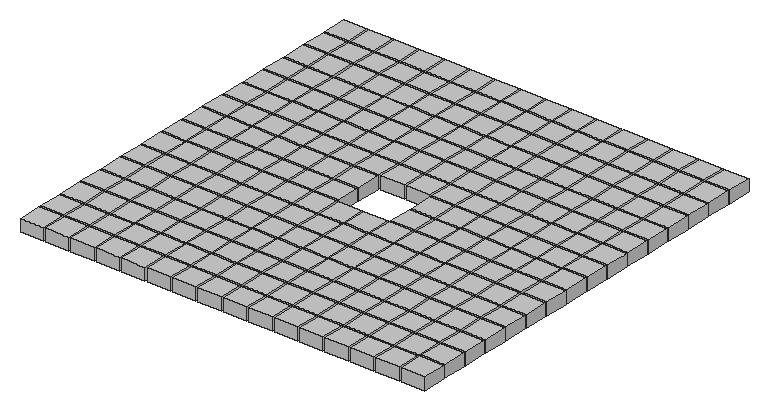
Revit family "Alcorque Ecológico", category Furniture, Revit 2020 (continued)
Reference planes (m)
  plane 6437: y = -0.25
  plane 6438: y = -0.5
  plane 6439: y = -0.625
  plane 6440: y = -0.75
  plane 6441: x = 1.475
  plane 6442: x = 1.6
  plane 6443: x = 1.725
  plane 6444: x = 1.975
  plane 6445: x = 2.1
  plane 6446: x = 2.225
  plane 6447: y = 0
  plane 6448: y = -0.125
  plane 6449: y = -0.25
  plane 6450: y = -0.5
  plane 6451: y = -0.625
  plane 6452: y = -0.75
  plane 6453: x = 1.85
  plane 6454: x = 1.975
  plane 6455: x = 2.1
  plane 6456: x = 2.35
  plane 6457: x = 2.475
  plane 6458: x = 2.6
  plane 6459: y = 0
  plane 6460: y = -0.125
  plane 6461: y = -0.25
  plane 6462: y = -0.5
  plane 6463: y = -0.625
  plane 6464: y = -0.75
  plane 6465: x = 1.975
  plane 6466: x = 2.1
  plane 6467: x = 2.225
  plane 6468: x = 2.475
  plane 6469: x = 2.6
  plane 6470: x = 2.725
  plane 6471: y = 0
  plane 6472: y = -0.125
  plane 6473: y = -0.25
  plane 6474: y = -0.5
  plane 6475: y = -0.625
  plane 6476: y = -0.75
  plane 6477: x = 2.1
  plane 6478: x = 2.225
  plane 6479: x = 2.35
  plane 6480: x = 2.6
  plane 6481: x = 2.725
  plane 6482: x = 2.85
  plane 6483: y = 0
  plane 6484: y = -0.125
  plane 6485: y = -0.25
  plane 6486: y = -0.5
  plane 6487: y = -0.625
  plane 6488: y = -0.75
  plane 6489: x = 1.225
  plane 6490: x = 1.35
  plane 6491: x = 1.475
  plane 6492: x = 1.725
  plane 6493: x = 1.85
  plane 6494: x = 1.975
  plane 6495: y = -0.125
  plane 6496: y = -0.25
  plane 6497: y = -0.375
  plane 6498: y = -0.625
  plane 6499: y = -0.75
  plane 6500: y = -0.875
  plane 6501: x = 1.35
  plane 6502: x = 1.475
  plane 6503: x = 1.6
  plane 6504: x = 1.85
  plane 6505: x = 1.975
  plane 6506: x = 2.1
  plane 6507: y = -0.125
  plane 6508: y = -0.25
  plane 6509: y = -0.375
  plane 6510: y = -0.625
  plane 6511: y = -0.75
  plane 6512: y = -0.875
  plane 6513: x = 1.475
  plane 6514: x = 1.6
  plane 6515: x = 1.725
  plane 6516: x = 1.975
  plane 6517: x = 2.1
  plane 6518: x = 2.225
  plane 6519: y = -0.125
  plane 6520: y = -0.25
  plane 6521: y = -0.375
  plane 6522: y = -0.625
  plane 6523: y = -0.75
  plane 6524: y = -0.875
  plane 6525: x = 1.85
  plane 6526: x = 1.975
  plane 6527: x = 2.1
  plane 6528: x = 2.35
  plane 6529: x = 2.475
  plane 6530: x = 2.6
  plane 6531: y = -0.125
  plane 6532: y = -0.25
  plane 6533: y = -0.375
  plane 6534: y = -0.625
  plane 6535: y = -0.75
  plane 6536: y = -0.875
  plane 6537: x = 1.975
  plane 6538: x = 2.1
  plane 6539: x = 2.225
  plane 6540: x = 2.475
  plane 6541: x = 2.6
  plane 6542: x = 2.725
  plane 6543: y = -0.125
  plane 6544: y = -0.25
  plane 6545: y = -0.375
  plane 6546: y = -0.625
  plane 6547: y = -0.75
  plane 6548: y = -0.875
  plane 6549: x = 2.1
  plane 6550: x = 2.225
  plane 6551: x = 2.35
  plane 6552: x = 2.6
  plane 6553: x = 2.725
  plane 6554: x = 2.85
  plane 6555: y = -0.125
  plane 6556: y = -0.25
  plane 6557: y = -0.375
  plane 6558: y = -0.625
  plane 6559: y = -0.75
  plane 6560: y = -0.875
  plane 6561: x = 1.225
  plane 6562: x = 1.35
  plane 6563: x = 1.475
  plane 6564: x = 1.725
  plane 6565: x = 1.85
  plane 6566: x = 1.975
  plane 6567: y = -0.25
  plane 6568: y = -0.375
  plane 6569: y = -0.5
  plane 6570: y = -0.75
  plane 6571: y = -0.875
  plane 6572: y = -1
  plane 6573: x = 1.35
  plane 6574: x = 1.475
  plane 6575: x = 1.6
  plane 6576: x = 1.85
  plane 6577: x = 1.975
  plane 6578: x = 2.1
  plane 6579: y = -0.25
  plane 6580: y = -0.375
  plane 6581: y = -0.5
  plane 6582: y = -0.75
  plane 6583: y = -0.875
  plane 6584: y = -1
  plane 6585: x = 1.475
  plane 6586: x = 1.6
  plane 6587: x = 1.725
  plane 6588: x = 1.975
  plane 6589: x = 2.1
  plane 6590: x = 2.225
  plane 6591: y = -0.25
  plane 6592: y = -0.375
  plane 6593: y = -0.5
  plane 6594: y = -0.75
  plane 6595: y = -0.875
  plane 6596: y = -1
  plane 6597: x = 1.6
  plane 6598: x = 1.725
  plane 6599: x = 1.85
  plane 6600: x = 2.1
  plane 6601: x = 2.225
  plane 6602: x = 2.35
  plane 6603: y = -0.25
  plane 6604: y = -0.375
  plane 6605: y = -0.5
  plane 6606: y = -0.75
  plane 6607: y = -0.875
  plane 6608: y = -1
  plane 6609: x = 1.725
  plane 6610: x = 1.85
  plane 6611: x = 1.975
  plane 6612: x = 2.225
  plane 6613: x = 2.35
  plane 6614: x = 2.475
  plane 6615: y = -0.25
  plane 6616: y = -0.375
  plane 6617: y = -0.5
  plane 6618: y = -0.75
  plane 6619: y = -0.875
  plane 6620: y = -1
  plane 6621: x = 2.1
  plane 6622: x = 2.225
  plane 6623: x = 2.35
  plane 6624: x = 2.6
  plane 6625: x = 2.725
  plane 6626: x = 2.85
  plane 6627: y = -0.25
  plane 6628: y = -0.375
  plane 6629: y = -0.5
  plane 6630: y = -0.75
  plane 6631: y = -0.875
  plane 6632: y = -1
  plane 6633: x = 1.225
  plane 6634: x = 1.35
  plane 6635: x = 1.475
  plane 6636: x = 1.725
  plane 6637: x = 1.85
  plane 6638: x = 1.975
  plane 6639: y = -0.375
  plane 6640: y = -0.5
  plane 6641: y = -0.625
  plane 6642: y = -0.875
  plane 6643: y = -1
  plane 6644: y = -1.125
  plane 6645: x = 1.35
  plane 6646: x = 1.475
  plane 6647: x = 1.6
  plane 6648: x = 1.85
  plane 6649: x = 1.975
  plane 6650: x = 2.1
  plane 6651: y = -0.375
  plane 6652: y = -0.5
  plane 6653: y = -0.625
  plane 6654: y = -0.875
  plane 6655: y = -1
  plane 6656: y = -1.125
  plane 6657: x = 1.475
  plane 6658: x = 1.6
  plane 6659: x = 1.725
  plane 6660: x = 1.975
  plane 6661: x = 2.1
  plane 6662: x = 2.225
  plane 6663: y = -0.375
  plane 6664: y = -0.5
  plane 6665: y = -0.625
  plane 6666: y = -0.875
  plane 6667: y = -1
  plane 6668: y = -1.125
  plane 6669: x = 1.6
  plane 6670: x = 1.725
  plane 6671: x = 1.85
  plane 6672: x = 2.1
  plane 6673: x = 2.225
  plane 6674: x = 2.35
  plane 6675: y = -0.375
  plane 6676: y = -0.5
  plane 6677: y = -0.625
  plane 6678: y = -0.875
  plane 6679: y = -1
  plane 6680: y = -1.125
  plane 6681: x = 1.725
  plane 6682: x = 1.85
  plane 6683: x = 1.975
  plane 6684: x = 2.225
  plane 6685: x = 2.35
  plane 6686: x = 2.475
  plane 6687: y = -0.375
  plane 6688: y = -0.5
  plane 6689: y = -0.625
  plane 6690: y = -0.875
  plane 6691: y = -1
  plane 6692: y = -1.125
  plane 6693: x = 2.1
  plane 6694: x = 2.225
  plane 6695: x = 2.35
  plane 6696: x = 2.6
  plane 6697: x = 2.725
  plane 6698: x = 2.85
  plane 6699: y = -0.375
  plane 6700: y = -0.5
  plane 6701: y = -0.625
  plane 6702: y = -0.875
  plane 6703: y = -1
  plane 6704: y = -1.125
  plane 6705: x = 1.225
  plane 6706: x = 1.35
  plane 6707: x = 1.475
  plane 6708: x = 1.725
  plane 6709: x = 1.85
  plane 6710: x = 1.975
  plane 6711: y = -0.5
  plane 6712: y = -0.625
  plane 6713: y = -0.75
  plane 6714: y = -1
  plane 6715: y = -1.125
  plane 6716: y = -1.25
  plane 6717: x = 1.35
  plane 6718: x = 1.475
  plane 6719: x = 1.6
  plane 6720: x = 1.85
  plane 6721: x = 1.975
  plane 6722: x = 2.1
  plane 6723: y = -0.5
  plane 6724: y = -0.625
  plane 6725: y = -0.75
  plane 6726: y = -1
  plane 6727: y = -1.125
  plane 6728: y = -1.25
  plane 6729: x = 1.475
  plane 6730: x = 1.6
  plane 6731: x = 1.725
  plane 6732: x = 1.975
  plane 6733: x = 2.1
  plane 6734: x = 2.225
  plane 6735: y = -0.5
  plane 6736: y = -0.625
  plane 6737: y = -0.75
  plane 6738: y = -1
  plane 6739: y = -1.125
  plane 6740: y = -1.25
  plane 6741: x = 1.6
  plane 6742: x = 1.725
  plane 6743: x = 1.85
  plane 6744: x = 2.1
  plane 6745: x = 2.225
  plane 6746: x = 2.35
  plane 6747: y = -0.5
  plane 6748: y = -0.625
  plane 6749: y = -0.75
  plane 6750: y = -1
  plane 6751: y = -1.125
  plane 6752: y = -1.25
  plane 6753: x = 1.725
  plane 6754: x = 1.85
  plane 6755: x = 1.975
  plane 6756: x = 2.225
  plane 6757: x = 2.35
  plane 6758: x = 2.475
  plane 6759: y = -0.5
  plane 6760: y = -0.625
  plane 6761: y = -0.75
  plane 6762: y = -1
  plane 6763: y = -1.125
  plane 6764: y = -1.25
  plane 6765: x = 1.85
  plane 6766: x = 1.975
  plane 6767: x = 2.1
  plane 6768: x = 2.35
  plane 6769: x = 2.475
  plane 6770: x = 2.6
  plane 6771: y = -0.5
  plane 6772: y = -0.625
  plane 6773: y = -0.75
  plane 6774: y = -1
  plane 6775: y = -1.125
  plane 6776: y = -1.25
  plane 6777: x = 1.975
  plane 6778: x = 2.1
  plane 6779: x = 2.225
  plane 6780: x = 2.475
  plane 6781: x = 2.6
  plane 6782: x = 2.725
  plane 6783: y = -0.5
  plane 6784: y = -0.625
  plane 6785: y = -0.75
  plane 6786: y = -1
  plane 6787: y = -1.125
  plane 6788: y = -1.25
  plane 6789: x = 2.1
  plane 6790: x = 2.225
  plane 6791: x = 2.35
  plane 6792: x = 2.6
  plane 6793: x = 2.725
  plane 6794: x = 2.85
  plane 6795: y = -0.5
  plane 6796: y = -0.625
  plane 6797: y = -0.75
  plane 6798: y = -1
  plane 6799: y = -1.125
  plane 6800: y = -1.25
  plane 6801: x = 2.225
  plane 6802: x = 2.35
  plane 6803: x = 2.475
  plane 6804: x = 2.725
  plane 6805: x = 2.85
  plane 6806: x = 2.975
  plane 6807: y = 0.375
  plane 6808: y = 0.25
  plane 6809: y = 0.125
  plane 6810: y = -0.125
  plane 6811: y = -0.25
  plane 6812: y = -0.375
  plane 6813: x = 2.35
  plane 6814: x = 2.475
  plane 6815: x = 2.6
  plane 6816: x = 2.85
  plane 6817: x = 2.975
  plane 6818: x = 3.1
  plane 6819: y = 0.375
  plane 6820: y = 0.25
  plane 6821: y = 0.125
  plane 6822: y = -0.125
  plane 6823: y = -0.25
  plane 6824: y = -0.375
  plane 6825: x = 2.475
  plane 6826: x = 2.6
  plane 6827: x = 2.725
  plane 6828: x = 2.975
  plane 6829: x = 3.1
  plane 6830: x = 3.225
  plane 6831: y = 0.375
  plane 6832: y = 0.25
  plane 6833: y = 0.125
  plane 6834: y = -0.125
  plane 6835: y = -0.25
  plane 6836: y = -0.375
  plane 6837: x = 2.6
  plane 6838: x = 2.725
  plane 6839: x = 2.85
  plane 6840: x = 3.1
  plane 6841: x = 3.225
  plane 6842: x = 3.35
  plane 6843: y = 0.375
  plane 6844: y = 0.25
  plane 6845: y = 0.125
  plane 6846: y = -0.125
  plane 6847: y = -0.25
  plane 6848: y = -0.375
  plane 6849: x = 2.225
  plane 6850: x = 2.35
  plane 6851: x = 2.475
  plane 6852: x = 2.725
  plane 6853: x = 2.85
  plane 6854: x = 2.975
  plane 6855: y = 0.25
  plane 6856: y = 0.125
  plane 6857: y = 0
  plane 6858: y = -0.25
  plane 6859: y = -0.375
  plane 6860: y = -0.5
  plane 6861: x = 2.35
  plane 6862: x = 2.475
  plane 6863: x = 2.6
  plane 6864: x = 2.85
  plane 6865: x = 2.975
  plane 6866: x = 3.1
  plane 6867: y = 0.25
  plane 6868: y = 0.125
  plane 6869: y = 0
  plane 6870: y = -0.25
  plane 6871: y = -0.375
  plane 6872: y = -0.5
  plane 6873: x = 2.475
  plane 6874: x = 2.6
  plane 6875: x = 2.725
  plane 6876: x = 2.975
  plane 6877: x = 3.1
  plane 6878: x = 3.225
  plane 6879: y = 0.25
  plane 6880: y = 0.125
  plane 6881: y = 0
  plane 6882: y = -0.25
  plane 6883: y = -0.375
  plane 6884: y = -0.5
  plane 6885: x = 2.6
  plane 6886: x = 2.725
  plane 6887: x = 2.85
  plane 6888: x = 3.1
  plane 6889: x = 3.225
  plane 6890: x = 3.35
  plane 6891: y = 0.25
  plane 6892: y = 0.125
  plane 6893: y = 0
  plane 6894: y = -0.25
  plane 6895: y = -0.375
  plane 6896: y = -0.5
  plane 6897: x = 2.225
  plane 6898: x = 2.35
  plane 6899: x = 2.475
  plane 6900: x = 2.725
  plane 6901: x = 2.85
  plane 6902: x = 2.975
  plane 6903: y = 0.125
  plane 6904: y = 0
  plane 6905: y = -0.125
  plane 6906: y = -0.375
  plane 6907: y = -0.5
  plane 6908: y = -0.625
  plane 6909: x = 2.35
  plane 6910: x = 2.475
  plane 6911: x = 2.6
  plane 6912: x = 2.85
  plane 6913: x = 2.975
  plane 6914: x = 3.1
  plane 6915: y = 0.125
  plane 6916: y = 0
  plane 6917: y = -0.125
  plane 6918: y = -0.375
  plane 6919: y = -0.5
  plane 6920: y = -0.625
  plane 6921: x = 2.475
  plane 6922: x = 2.6
  plane 6923: x = 2.725
  plane 6924: x = 2.975
  plane 6925: x = 3.1
  plane 6926: x = 3.225
  plane 6927: y = 0.125
  plane 6928: y = 0
  plane 6929: y = -0.125
  plane 6930: y = -0.375
  plane 6931: y = -0.5
  plane 6932: y = -0.625
  plane 6933: x = 2.6
  plane 6934: x = 2.725
  plane 6935: x = 2.85
  plane 6936: x = 3.1
  plane 6937: x = 3.225
  plane 6938: x = 3.35
  plane 6939: y = 0.125
  plane 6940: y = 0
  plane 6941: y = -0.125
  plane 6942: y = -0.375
  plane 6943: y = -0.5
  plane 6944: y = -0.625
  plane 6945: x = 2.35
  plane 6946: x = 2.475
  plane 6947: x = 2.6
  plane 6948: x = 2.85
  plane 6949: x = 2.975
  plane 6950: x = 3.1
  plane 6951: y = 0
  plane 6952: y = -0.125
  plane 6953: y = -0.25
  plane 6954: y = -0.5
  plane 6955: y = -0.625
  plane 6956: y = -0.75
  plane 6957: x = 2.475
  plane 6958: x = 2.6
  plane 6959: x = 2.725
  plane 6960: x = 2.975
  plane 6961: x = 3.1
  plane 6962: x = 3.225
  plane 6963: y = 0
  plane 6964: y = -0.125
  plane 6965: y = -0.25
  plane 6966: y = -0.5
  plane 6967: y = -0.625
  plane 6968: y = -0.75
  plane 6969: x = 2.6
  plane 6970: x = 2.725
  plane 6971: x = 2.85
  plane 6972: x = 3.1
  plane 6973: x = 3.225
  plane 6974: x = 3.35
  plane 6975: y = 0
  plane 6976: y = -0.125
  plane 6977: y = -0.25
  plane 6978: y = -0.5
  plane 6979: y = -0.625
  plane 6980: y = -0.75
  plane 6981: x = 2.35
  plane 6982: x = 2.475
  plane 6983: x = 2.6
  plane 6984: x = 2.85
  plane 6985: x = 2.975
  plane 6986: x = 3.1
  plane 6987: y = -0.125
  plane 6988: y = -0.25
  plane 6989: y = -0.375
  plane 6990: y = -0.625
  plane 6991: y = -0.75
  plane 6992: y = -0.875
  plane 6993: x = 2.475
  plane 6994: x = 2.6
  plane 6995: x = 2.725
  plane 6996: x = 2.975
  plane 6997: x = 3.1
  plane 6998: x = 3.225
  plane 6999: y = -0.125
  plane 7000: y = -0.25
  plane 7001: y = -0.375
  plane 7002: y = -0.625
  plane 7003: y = -0.75
  plane 7004: y = -0.875
  plane 7005: x = 2.6
  plane 7006: x = 2.725
  plane 7007: x = 2.85
  plane 7008: x = 3.1
  plane 7009: x = 3.225
  plane 7010: x = 3.35
  plane 7011: y = -0.125
  plane 7012: y = -0.25
  plane 7013: y = -0.375
  plane 7014: y = -0.625
  plane 7015: y = -0.75
  plane 7016: y = -0.875
  plane 7017: x = 2.225
  plane 7018: x = 2.35
  plane 7019: x = 2.475
  plane 7020: x = 2.725
  plane 7021: x = 2.85
  plane 7022: x = 2.975
  plane 7023: y = -0.25
  plane 7024: y = -0.375
  plane 7025: y = -0.5
  plane 7026: y = -0.75
  plane 7027: y = -0.875
  plane 7028: y = -1
  plane 7029: x = 2.35
  plane 7030: x = 2.475
  plane 7031: x = 2.6
  plane 7032: x = 2.85
  plane 7033: x = 2.975
  plane 7034: x = 3.1
  plane 7035: y = -0.25
  plane 7036: y = -0.375
  plane 7037: y = -0.5
  plane 7038: y = -0.75
  plane 7039: y = -0.875
  plane 7040: y = -1
  plane 7041: x = 2.475
  plane 7042: x = 2.6
  plane 7043: x = 2.725
  plane 7044: x = 2.975
  plane 7045: x = 3.1
  plane 7046: x = 3.225
  plane 7047: y = -0.25
  plane 7048: y = -0.375
  plane 7049: y = -0.5
  plane 7050: y = -0.75
  plane 7051: y = -0.875
  plane 7052: y = -1
  plane 7053: x = 2.6
  plane 7054: x = 2.725
  plane 7055: x = 2.85
  plane 7056: x = 3.1
  plane 7057: x = 3.225
  plane 7058: x = 3.35
  plane 7059: y = -0.25
  plane 7060: y = -0.375
  plane 7061: y = -0.5
  plane 7062: y = -0.75
  plane 7063: y = -0.875
  plane 7064: y = -1
  plane 7065: x = 2.225
  plane 7066: x = 2.35
  plane 7067: x = 2.475
  plane 7068: x = 2.725
  plane 7069: x = 2.85
  plane 7070: x = 2.975
  plane 7071: y = -0.375
  plane 7072: y = -0.5
  plane 7073: y = -0.625
  plane 7074: y = -0.875
  plane 7075: y = -1
  plane 7076: y = -1.125
  plane 7077: x = 2.35
  plane 7078: x = 2.475
  plane 7079: x = 2.6
  plane 7080: x = 2.85
  plane 7081: x = 2.975
  plane 7082: x = 3.1
  plane 7083: y = -0.375
  plane 7084: y = -0.5
  plane 7085: y = -0.625
  plane 7086: y = -0.875
  plane 7087: y = -1
  plane 7088: y = -1.125
  plane 7089: x = 2.475
  plane 7090: x = 2.6
  plane 7091: x = 2.725
  plane 7092: x = 2.975
  plane 7093: x = 3.1
  plane 7094: x = 3.225
  plane 7095: y = -0.375
  plane 7096: y = -0.5
  plane 7097: y = -0.625
  plane 7098: y = -0.875
  plane 7099: y = -1
  plane 7100: y = -1.125
  plane 7101: x = 2.6
  plane 7102: x = 2.725
  plane 7103: x = 2.85
  plane 7104: x = 3.1
  plane 7105: x = 3.225
  plane 7106: x = 3.35
  plane 7107: y = -0.375
  plane 7108: y = -0.5
  plane 7109: y = -0.625
  plane 7110: y = -0.875
  plane 7111: y = -1
  plane 7112: y = -1.125
  plane 7113: x = 2.225
  plane 7114: x = 2.35
  plane 7115: x = 2.475
  plane 7116: x = 2.725
  plane 7117: x = 2.85
  plane 7118: x = 2.975
  plane 7119: y = -0.5
  plane 7120: y = -0.625
  plane 7121: y = -0.75
  plane 7122: y = -1
  plane 7123: y = -1.125
  plane 7124: y = -1.25
  plane 7125: x = 2.35
  plane 7126: x = 2.475
  plane 7127: x = 2.6
  plane 7128: x = 2.85
  plane 7129: x = 2.975
  plane 7130: x = 3.1
  plane 7131: y = -0.5
  plane 7132: y = -0.625
  plane 7133: y = -0.75
  plane 7134: y = -1
  plane 7135: y = -1.125
  plane 7136: y = -1.25
  plane 7137: x = 2.475
  plane 7138: x = 2.6
  plane 7139: x = 2.725
  plane 7140: x = 2.975
  plane 7141: x = 3.1
  plane 7142: x = 3.225
  plane 7143: y = -0.5
  plane 7144: y = -0.625
  plane 7145: y = -0.75
  plane 7146: y = -1
  plane 7147: y = -1.125
  plane 7148: y = -1.25
  plane 7149: x = 2.6
  plane 7150: x = 2.725
  plane 7151: x = 2.85
  plane 7152: x = 3.1
  plane 7153: x = 3.225
  plane 7154: x = 3.35
  plane 7155: y = -0.5
  plane 7156: y = -0.625
  plane 7157: y = -0.75
  plane 7158: y = -1
  plane 7159: y = -1.125
  plane 7160: y = -1.25
  plane 7161: x = 1.6
  plane 7162: x = 1.725
  plane 7163: x = 1.85
  plane 7164: x = 2.1
  plane 7165: x = 2.225
  plane 7166: x = 2.35
  plane 7167: y = 0
  plane 7168: y = -0.125
  plane 7169: y = -0.25
  plane 7170: y = -0.5
  plane 7171: y = -0.625
  plane 7172: y = -0.75
  plane 7173: x = 1.725
  plane 7174: x = 1.85
  plane 7175: x = 1.975
  plane 7176: x = 2.225
  plane 7177: x = 2.35
  plane 7178: x = 2.475
  plane 7179: y = 0
  plane 7180: y = -0.125
  plane 7181: y = -0.25
  plane 7182: y = -0.5
  plane 7183: y = -0.625
  plane 7184: y = -0.75
  plane 7185: x = 1.6
  plane 7186: x = 1.725
  plane 7187: x = 1.85
  plane 7188: x = 2.1
  plane 7189: x = 2.225
  plane 7190: x = 2.35
  plane 7191: y = -0.125
  plane 7192: y = -0.25
  plane 7193: y = -0.375
  plane 7194: y = -0.625
  plane 7195: y = -0.75
  plane 7196: y = -0.875
  plane 7197: x = 1.725
  plane 7198: x = 1.85
  plane 7199: x = 1.975
  plane 7200: x = 2.225
  plane 7201: x = 2.35
  plane 7202: x = 2.475
  plane 7203: y = -0.125
  plane 7204: y = -0.25
  plane 7205: y = -0.375
  plane 7206: y = -0.625
  plane 7207: y = -0.75
  plane 7208: y = -0.875
  plane 7209: x = 2.225
  plane 7210: x = 2.35
  plane 7211: x = 2.475
  plane 7212: x = 2.725
  plane 7213: x = 2.85
  plane 7214: x = 2.975
  plane 7215: y = 0
  plane 7216: y = -0.125
  plane 7217: y = -0.25
  plane 7218: y = -0.5
  plane 7219: y = -0.625
  plane 7220: y = -0.75
  plane 7221: x = 2.225
  plane 7222: x = 2.35
  plane 7223: x = 2.475
  plane 7224: x = 2.725
  plane 7225: x = 2.85
  plane 7226: x = 2.975
  plane 7227: y = -0.125
  plane 7228: y = -0.25
  plane 7229: y = -0.375
  plane 7230: y = -0.625
  plane 7231: y = -0.75
  plane 7232: y = -0.875
  plane 7233: x = 1.225
  plane 7234: x = 1.35
  plane 7235: x = 1.475
  plane 7236: x = 1.725
  plane 7237: x = 1.85
  plane 7238: x = 1.975
  plane 7239: y = -0.625
  plane 7240: y = -0.75
  plane 7241: y = -0.875
  plane 7242: y = -1.125
  plane 7243: y = -1.25
  plane 7244: y = -1.375
  plane 7245: x = 1.35
  plane 7246: x = 1.475
  plane 7247: x = 1.6
  plane 7248: x = 1.85
  plane 7249: x = 1.975
  plane 7250: x = 2.1
  plane 7251: y = -0.625
  plane 7252: y = -0.75
  plane 7253: y = -0.875
  plane 7254: y = -1.125
  plane 7255: y = -1.25
  plane 7256: y = -1.375
  plane 7257: x = 1.475
  plane 7258: x = 1.6
  plane 7259: x = 1.725
  plane 7260: x = 1.975
  plane 7261: x = 2.1
  plane 7262: x = 2.225
  plane 7263: y = -0.625
  plane 7264: y = -0.75
  plane 7265: y = -0.875
  plane 7266: y = -1.125
  plane 7267: y = -1.25
  plane 7268: y = -1.375
  plane 7269: x = 1.85
  plane 7270: x = 1.975
  plane 7271: x = 2.1
  plane 7272: x = 2.35
  plane 7273: x = 2.475
  plane 7274: x = 2.6
  plane 7275: y = -0.625
  plane 7276: y = -0.75
  plane 7277: y = -0.875
  plane 7278: y = -1.125
  plane 7279: y = -1.25
  plane 7280: y = -1.375
  plane 7281: x = 1.975
  plane 7282: x = 2.1
  plane 7283: x = 2.225
  plane 7284: x = 2.475
  plane 7285: x = 2.6
  plane 7286: x = 2.725
  plane 7287: y = -0.625
  plane 7288: y = -0.75
  plane 7289: y = -0.875
  plane 7290: y = -1.125
  plane 7291: y = -1.25
  plane 7292: y = -1.375
  plane 7293: x = 2.1
  plane 7294: x = 2.225
  plane 7295: x = 2.35
  plane 7296: x = 2.6
  plane 7297: x = 2.725
  plane 7298: x = 2.85
  plane 7299: y = -0.625
  plane 7300: y = -0.75
  plane 7301: y = -0.875
  plane 7302: y = -1.125
  plane 7303: y = -1.25
  plane 7304: y = -1.375
  plane 7305: x = 1.225
  plane 7306: x = 1.35
  plane 7307: x = 1.475
  plane 7308: x = 1.725
  plane 7309: x = 1.85
  plane 7310: x = 1.975
  plane 7311: y = -0.75
  plane 7312: y = -0.875
  plane 7313: y = -1
  plane 7314: y = -1.25
  plane 7315: y = -1.375
  plane 7316: y = -1.5
  plane 7317: x = 1.35
  plane 7318: x = 1.475
  plane 7319: x = 1.6
  plane 7320: x = 1.85
  plane 7321: x = 1.975
  plane 7322: x = 2.1
  plane 7323: y = -0.75
  plane 7324: y = -0.875
  plane 7325: y = -1
  plane 7326: y = -1.25
  plane 7327: y = -1.375
  plane 7328: y = -1.5
  plane 7329: x = 1.475
  plane 7330: x = 1.6
  plane 7331: x = 1.725
  plane 7332: x = 1.975
  plane 7333: x = 2.1
  plane 7334: x = 2.225
  plane 7335: y = -0.75
  plane 7336: y = -0.875
  plane 7337: y = -1
  plane 7338: y = -1.25
  plane 7339: y = -1.375
  plane 7340: y = -1.5
  plane 7341: x = 1.6
  plane 7342: x = 1.725
  plane 7343: x = 1.85
  plane 7344: x = 2.1
  plane 7345: x = 2.225
  plane 7346: x = 2.35
  plane 7347: y = -0.75
  plane 7348: y = -0.875
  plane 7349: y = -1
  plane 7350: y = -1.25
  plane 7351: y = -1.375
  plane 7352: y = -1.5
  plane 7353: x = 1.725
  plane 7354: x = 1.85
  plane 7355: x = 1.975
  plane 7356: x = 2.225
  plane 7357: x = 2.35
  plane 7358: x = 2.475
  plane 7359: y = -0.75
  plane 7360: y = -0.875
  plane 7361: y = -1
  plane 7362: y = -1.25
  plane 7363: y = -1.375
  plane 7364: y = -1.5
  plane 7365: x = 1.85
  plane 7366: x = 1.975
  plane 7367: x = 2.1
  plane 7368: x = 2.35
  plane 7369: x = 2.475
  plane 7370: x = 2.6
  plane 7371: y = -0.75
  plane 7372: y = -0.875
  plane 7373: y = -1
  plane 7374: y = -1.25
  plane 7375: y = -1.375
  plane 7376: y = -1.5
  plane 7377: x = 1.975
  plane 7378: x = 2.1
  plane 7379: x = 2.225
  plane 7380: x = 2.475
  plane 7381: x = 2.6
  plane 7382: x = 2.725
  plane 7383: y = -0.75
  plane 7384: y = -0.875
  plane 7385: y = -1
  plane 7386: y = -1.25
  plane 7387: y = -1.375
  plane 7388: y = -1.5
  plane 7389: x = 2.1
  plane 7390: x = 2.225
  plane 7391: x = 2.35
  plane 7392: x = 2.6
  plane 7393: x = 2.725
  plane 7394: x = 2.85
  plane 7395: y = -0.75
  plane 7396: y = -0.875
  plane 7397: y = -1
  plane 7398: y = -1.25
  plane 7399: y = -1.375
  plane 7400: y = -1.5
  plane 7401: x = 1.225
  plane 7402: x = 1.35
  plane 7403: x = 1.475
  plane 7404: x = 1.725
  plane 7405: x = 1.85
  plane 7406: x = 1.975
  plane 7407: y = -0.875
  plane 7408: y = -1
  plane 7409: y = -1.125
  plane 7410: y = -1.375
  plane 7411: y = -1.5
  plane 7412: y = -1.625
  plane 7413: x = 1.35
  plane 7414: x = 1.475
  plane 7415: x = 1.6
  plane 7416: x = 1.85
  plane 7417: x = 1.975
  plane 7418: x = 2.1
  plane 7419: y = -0.875
  plane 7420: y = -1
  plane 7421: y = -1.125
  plane 7422: y = -1.375
  plane 7423: y = -1.5
  plane 7424: y = -1.625
  plane 7425: x = 1.475
  plane 7426: x = 1.6
  plane 7427: x = 1.725
  plane 7428: x = 1.975
  plane 7429: x = 2.1
  plane 7430: x = 2.225
  plane 7431: y = -0.875
  plane 7432: y = -1
  plane 7433: y = -1.125
  plane 7434: y = -1.375
  plane 7435: y = -1.5
  plane 7436: y = -1.625
  plane 7437: x = 1.6
  plane 7438: x = 1.725
  plane 7439: x = 1.85
  plane 7440: x = 2.1
  plane 7441: x = 2.225
  plane 7442: x = 2.35
  plane 7443: y = -0.875
  plane 7444: y = -1
  plane 7445: y = -1.125
  plane 7446: y = -1.375
  plane 7447: y = -1.5
  plane 7448: y = -1.625
  plane 7449: x = 1.725
  plane 7450: x = 1.85
  plane 7451: x = 1.975
  plane 7452: x = 2.225
  plane 7453: x = 2.35
  plane 7454: x = 2.475
  plane 7455: y = -0.875
  plane 7456: y = -1
  plane 7457: y = -1.125
  plane 7458: y = -1.375
  plane 7459: y = -1.5
  plane 7460: y = -1.625
  plane 7461: x = 1.85
  plane 7462: x = 1.975
  plane 7463: x = 2.1
  plane 7464: x = 2.35
  plane 7465: x = 2.475
  plane 7466: x = 2.6
  plane 7467: y = -0.875
  plane 7468: y = -1
  plane 7469: y = -1.125
  plane 7470: y = -1.375
  plane 7471: y = -1.5
  plane 7472: y = -1.625
  plane 7473: x = 1.975
  plane 7474: x = 2.1
  plane 7475: x = 2.225
  plane 7476: x = 2.475
  plane 7477: x = 2.6
  plane 7478: x = 2.725
  plane 7479: y = -0.875
  plane 7480: y = -1
  plane 7481: y = -1.125
  plane 7482: y = -1.375
  plane 7483: y = -1.5
  plane 7484: y = -1.625
  plane 7485: x = 2.1
  plane 7486: x = 2.225
  plane 7487: x = 2.35
  plane 7488: x = 2.6
  plane 7489: x = 2.725
  plane 7490: x = 2.85
  plane 7491: y = -0.875
  plane 7492: y = -1
  plane 7493: y = -1.125
  plane 7494: y = -1.375
  plane 7495: y = -1.5
  plane 7496: y = -1.625
  plane 7497: x = 1.225
  plane 7498: x = 1.35
  plane 7499: x = 1.475
  plane 7500: x = 1.725
  plane 7501: x = 1.85
  plane 7502: x = 1.975
  plane 7503: y = -1
  plane 7504: y = -1.125
  plane 7505: y = -1.25
  plane 7506: y = -1.5
  plane 7507: y = -1.625
  plane 7508: y = -1.75
  plane 7509: x = 1.35
  plane 7510: x = 1.475
  plane 7511: x = 1.6
  plane 7512: x = 1.85
  plane 7513: x = 1.975
  plane 7514: x = 2.1
  plane 7515: y = -1
  plane 7516: y = -1.125
  plane 7517: y = -1.25
  plane 7518: y = -1.5
  plane 7519: y = -1.625
  plane 7520: y = -1.75
  plane 7521: x = 1.475
  plane 7522: x = 1.6
  plane 7523: x = 1.725
  plane 7524: x = 1.975
  plane 7525: x = 2.1
  plane 7526: x = 2.225
  plane 7527: y = -1
  plane 7528: y = -1.125
  plane 7529: y = -1.25
  plane 7530: y = -1.5
  plane 7531: y = -1.625
  plane 7532: y = -1.75
  plane 7533: x = 1.6
  plane 7534: x = 1.725
  plane 7535: x = 1.85
  plane 7536: x = 2.1
  plane 7537: x = 2.225
  plane 7538: x = 2.35
  plane 7539: y = -1
  plane 7540: y = -1.125
  plane 7541: y = -1.25
  plane 7542: y = -1.5
  plane 7543: y = -1.625
  plane 7544: y = -1.75
  plane 7545: x = 1.725
  plane 7546: x = 1.85
  plane 7547: x = 1.975
  plane 7548: x = 2.225
  plane 7549: x = 2.35
  plane 7550: x = 2.475
  plane 7551: y = -1
  plane 7552: y = -1.125
  plane 7553: y = -1.25
  plane 7554: y = -1.5
  plane 7555: y = -1.625
  plane 7556: y = -1.75
  plane 7557: x = 1.85
  plane 7558: x = 1.975
  plane 7559: x = 2.1
  plane 7560: x = 2.35
  plane 7561: x = 2.475
  plane 7562: x = 2.6
  plane 7563: y = -1
  plane 7564: y = -1.125
  plane 7565: y = -1.25
  plane 7566: y = -1.5
  plane 7567: y = -1.625
  plane 7568: y = -1.75
  plane 7569: x = 1.975
  plane 7570: x = 2.1
  plane 7571: x = 2.225
  plane 7572: x = 2.475
  plane 7573: x = 2.6
  plane 7574: x = 2.725
  plane 7575: y = -1
  plane 7576: y = -1.125
  plane 7577: y = -1.25
  plane 7578: y = -1.5
  plane 7579: y = -1.625
  plane 7580: y = -1.75
  plane 7581: x = 2.1
  plane 7582: x = 2.225
  plane 7583: x = 2.35
  plane 7584: x = 2.6
  plane 7585: x = 2.725
  plane 7586: x = 2.85
  plane 7587: y = -1
  plane 7588: y = -1.125
  plane 7589: y = -1.25
  plane 7590: y = -1.5
  plane 7591: y = -1.625
  plane 7592: y = -1.75
  plane 7593: x = 2.35
  plane 7594: x = 2.475
  plane 7595: x = 2.6
  plane 7596: x = 2.85
  plane 7597: x = 2.975
  plane 7598: x = 3.1
  plane 7599: y = -0.625
  plane 7600: y = -0.75
  plane 7601: y = -0.875
  plane 7602: y = -1.125
  plane 7603: y = -1.25
  plane 7604: y = -1.375
  plane 7605: x = 2.475
  plane 7606: x = 2.6
  plane 7607: x = 2.725
  plane 7608: x = 2.975
  plane 7609: x = 3.1
  plane 7610: x = 3.225
  plane 7611: y = -0.625
  plane 7612: y = -0.75
  plane 7613: y = -0.875
  plane 7614: y = -1.125
  plane 7615: y = -1.25
  plane 7616: y = -1.375
  plane 7617: x = 2.6
  plane 7618: x = 2.725
  plane 7619: x = 2.85
  plane 7620: x = 3.1
  plane 7621: x = 3.225
  plane 7622: x = 3.35
  plane 7623: y = -0.625
  plane 7624: y = -0.75
  plane 7625: y = -0.875
  plane 7626: y = -1.125
  plane 7627: y = -1.25
  plane 7628: y = -1.375
  plane 7629: x = 2.225
  plane 7630: x = 2.35
  plane 7631: x = 2.475
  plane 7632: x = 2.725
  plane 7633: x = 2.85
  plane 7634: x = 2.975
  plane 7635: y = -0.75
  plane 7636: y = -0.875
  plane 7637: y = -1
  plane 7638: y = -1.25
  plane 7639: y = -1.375
  plane 7640: y = -1.5
  plane 7641: x = 2.35
  plane 7642: x = 2.475
  plane 7643: x = 2.6
  plane 7644: x = 2.85
  plane 7645: x = 2.975
  plane 7646: x = 3.1
  plane 7647: y = -0.75
  plane 7648: y = -0.875
  plane 7649: y = -1
  plane 7650: y = -1.25
  plane 7651: y = -1.375
  plane 7652: y = -1.5
  plane 7653: x = 2.475
  plane 7654: x = 2.6
  plane 7655: x = 2.725
  plane 7656: x = 2.975
  plane 7657: x = 3.1
  plane 7658: x = 3.225
  plane 7659: y = -0.75
  plane 7660: y = -0.875
  plane 7661: y = -1
  plane 7662: y = -1.25
  plane 7663: y = -1.375
  plane 7664: y = -1.5
  plane 7665: x = 2.6
  plane 7666: x = 2.725
  plane 7667: x = 2.85
  plane 7668: x = 3.1
  plane 7669: x = 3.225
  plane 7670: x = 3.35
  plane 7671: y = -0.75
  plane 7672: y = -0.875
  plane 7673: y = -1
  plane 7674: y = -1.25
  plane 7675: y = -1.375
  plane 7676: y = -1.5
  plane 7677: x = 2.225
  plane 7678: x = 2.35
  plane 7679: x = 2.475
  plane 7680: x = 2.725
  plane 7681: x = 2.85
  plane 7682: x = 2.975
  plane 7683: y = -0.875
  plane 7684: y = -1
  plane 7685: y = -1.125
  plane 7686: y = -1.375
  plane 7687: y = -1.5
  plane 7688: y = -1.625
  plane 7689: x = 2.35
  plane 7690: x = 2.475
  plane 7691: x = 2.6
  plane 7692: x = 2.85
  plane 7693: x = 2.975
  plane 7694: x = 3.1
  plane 7695: y = -0.875
  plane 7696: y = -1
  plane 7697: y = -1.125
  plane 7698: y = -1.375
  plane 7699: y = -1.5
  plane 7700: y = -1.625
  plane 7701: x = 2.475
  plane 7702: x = 2.6
  plane 7703: x = 2.725
  plane 7704: x = 2.975
  plane 7705: x = 3.1
  plane 7706: x = 3.225
  plane 7707: y = -0.875
  plane 7708: y = -1
  plane 7709: y = -1.125
  plane 7710: y = -1.375
  plane 7711: y = -1.5
  plane 7712: y = -1.625
  plane 7713: x = 2.6
  plane 7714: x = 2.725
  plane 7715: x = 2.85
  plane 7716: x = 3.1
  plane 7717: x = 3.225
  plane 7718: x = 3.35
  plane 7719: y = -0.875
  plane 7720: y = -1
  plane 7721: y = -1.125
  plane 7722: y = -1.375
  plane 7723: y = -1.5
  plane 7724: y = -1.625
  plane 7725: x = 2.225
  plane 7726: x = 2.35
  plane 7727: x = 2.475
  plane 7728: x = 2.725
  plane 7729: x = 2.85
  plane 7730: x = 2.975
  plane 7731: y = -1
  plane 7732: y = -1.125
  plane 7733: y = -1.25
  plane 7734: y = -1.5
  plane 7735: y = -1.625
  plane 7736: y = -1.75
  plane 7737: x = 2.35
  plane 7738: x = 2.475
  plane 7739: x = 2.6
  plane 7740: x = 2.85
  plane 7741: x = 2.975
  plane 7742: x = 3.1
  plane 7743: y = -1
  plane 7744: y = -1.125
  plane 7745: y = -1.25
  plane 7746: y = -1.5
  plane 7747: y = -1.625
  plane 7748: y = -1.75
  plane 7749: x = 2.475
  plane 7750: x = 2.6
  plane 7751: x = 2.725
  plane 7752: x = 2.975
  plane 7753: x = 3.1
  plane 7754: x = 3.225
  plane 7755: y = -1
  plane 7756: y = -1.125
  plane 7757: y = -1.25
  plane 7758: y = -1.5
  plane 7759: y = -1.625
  plane 7760: y = -1.75
  plane 7761: x = 2.6
  plane 7762: x = 2.725
  plane 7763: x = 2.85
  plane 7764: x = 3.1
  plane 7765: x = 3.225
  plane 7766: x = 3.35
  plane 7767: y = -1
  plane 7768: y = -1.125
  plane 7769: y = -1.25
  plane 7770: y = -1.5
  plane 7771: y = -1.625
  plane 7772: y = -1.75
  plane 7773: x = 1.6
  plane 7774: x = 1.725
  plane 7775: x = 1.85
  plane 7776: x = 2.1
  plane 7777: x = 2.225
  plane 7778: x = 2.35
  plane 7779: y = -0.625
  plane 7780: y = -0.75
  plane 7781: y = -0.875
  plane 7782: y = -1.125
  plane 7783: y = -1.25
  plane 7784: y = -1.375
  plane 7785: x = 1.725
  plane 7786: x = 1.85
  plane 7787: x = 1.975
  plane 7788: x = 2.225
  plane 7789: x = 2.35
  plane 7790: x = 2.475
  plane 7791: y = -0.625
  plane 7792: y = -0.75
  plane 7793: y = -0.875
  plane 7794: y = -1.125
  plane 7795: y = -1.25
  plane 7796: y = -1.375
  plane 7797: x = 2.225
  plane 7798: x = 2.35
  plane 7799: x = 2.475
  plane 7800: x = 2.725
  plane 7801: x = 2.85
  plane 7802: x = 2.975
  plane 7803: y = -0.625
  plane 7804: y = -0.75
  plane 7805: y = -0.875
  plane 7806: y = -1.125
  plane 7807: y = -1.25
  plane 7808: y = -1.375
  plane 7809: x = 3.065
  plane 7810: x = 3.19
  plane 7811: x = 3.315
  plane 7812: x = 3.565
  plane 7813: x = 3.69
  plane 7814: x = 3.815
  plane 7815: y = 0.375
  plane 7816: y = 0.25
  plane 7817: y = 0.125
  plane 7818: y = -0.125
  plane 7819: y = -0.25
  plane 7820: y = -0.375
  plane 7821: x = 3.19
  plane 7822: x = 3.315
  plane 7823: x = 3.44
  plane 7824: x = 3.69
  plane 7825: x = 3.815
  plane 7826: x = 3.94
  plane 7827: y = 0.375
  plane 7828: y = 0.25
  plane 7829: y = 0.125
  plane 7830: y = -0.125
  plane 7831: y = -0.25
  plane 7832: y = -0.375
  plane 7833: x = 3.315
  plane 7834: x = 3.44
  plane 7835: x = 3.565
  plane 7836: x = 3.815
  plane 7837: x = 3.94
  plane 7838: x = 4.065
  plane 7839: y = 0.375
  plane 7840: y = 0.25
  plane 7841: y = 0.125
  plane 7842: y = -0.125
  plane 7843: y = -0.25
  plane 7844: y = -0.375
  plane 7845: x = 3.44
  plane 7846: x = 3.565
  plane 7847: x = 3.69
  plane 7848: x = 3.94
  plane 7849: x = 4.065
  plane 7850: x = 4.19
  plane 7851: y = 0.375
  plane 7852: y = 0.25
  plane 7853: y = 0.125
  plane 7854: y = -0.125
  plane 7855: y = -0.25
  plane 7856: y = -0.375
  plane 7857: x = 3.565
  plane 7858: x = 3.69
  plane 7859: x = 3.815
  plane 7860: x = 4.065
  plane 7861: x = 4.19
  plane 7862: x = 4.315
  plane 7863: y = 0.375
  plane 7864: y = 0.25
  plane 7865: y = 0.125
  plane 7866: y = -0.125
  plane 7867: y = -0.25
  plane 7868: y = -0.375
  plane 7869: x = 3.69
  plane 7870: x = 3.815
  plane 7871: x = 3.94
  plane 7872: x = 4.19
  plane 7873: x = 4.315
  plane 7874: x = 4.44
  plane 7875: y = 0.375
  plane 7876: y = 0.25
  plane 7877: y = 0.125
  plane 7878: y = -0.125
  plane 7879: y = -0.25
  plane 7880: y = -0.375
  plane 7881: x = 3.815
  plane 7882: x = 3.94
  plane 7883: x = 4.065
  plane 7884: x = 4.315
  plane 7885: x = 4.44
  plane 7886: x = 4.565
  plane 7887: y = 0.375
  plane 7888: y = 0.25
  plane 7889: y = 0.125
  plane 7890: y = -0.125
  plane 7891: y = -0.25
  plane 7892: y = -0.375
  plane 7893: x = 3.94
  plane 7894: x = 4.065
  plane 7895: x = 4.19
  plane 7896: x = 4.44
  plane 7897: x = 4.565
  plane 7898: x = 4.69
  plane 7899: y = 0.375
  plane 7900: y = 0.25
  plane 7901: y = 0.125
  plane 7902: y = -0.125
  plane 7903: y = -0.25
  plane 7904: y = -0.375
  plane 7905: x = 3.065
  plane 7906: x = 3.19
  plane 7907: x = 3.315
  plane 7908: x = 3.565
  plane 7909: x = 3.69
  plane 7910: x = 3.815
  plane 7911: y = 0.25
  plane 7912: y = 0.125
  plane 7913: y = 0
  plane 7914: y = -0.25
  plane 7915: y = -0.375
  plane 7916: y = -0.5
  plane 7917: x = 3.19
  plane 7918: x = 3.315
  plane 7919: x = 3.44
  plane 7920: x = 3.69
  plane 7921: x = 3.815
  plane 7922: x = 3.94
  plane 7923: y = 0.25
  plane 7924: y = 0.125
  plane 7925: y = 0
  plane 7926: y = -0.25
  plane 7927: y = -0.375
  plane 7928: y = -0.5
  plane 7929: x = 3.315
  plane 7930: x = 3.44
  plane 7931: x = 3.565
  plane 7932: x = 3.815
  plane 7933: x = 3.94
  plane 7934: x = 4.065
  plane 7935: y = 0.25
  plane 7936: y = 0.125
  plane 7937: y = 0
  plane 7938: y = -0.25
  plane 7939: y = -0.375
  plane 7940: y = -0.5
  plane 7941: x = 3.44
  plane 7942: x = 3.565
  plane 7943: x = 3.69
  plane 7944: x = 3.94
  plane 7945: x = 4.065
  plane 7946: x = 4.19
  plane 7947: y = 0.25
  plane 7948: y = 0.125
  plane 7949: y = 0
  plane 7950: y = -0.25
  plane 7951: y = -0.375
  plane 7952: y = -0.5
  plane 7953: x = 3.565
  plane 7954: x = 3.69
  plane 7955: x = 3.815
  plane 7956: x = 4.065
  plane 7957: x = 4.19
  plane 7958: x = 4.315
  plane 7959: y = 0.25
  plane 7960: y = 0.125
  plane 7961: y = 0
  plane 7962: y = -0.25
  plane 7963: y = -0.375
  plane 7964: y = -0.5
  plane 7965: x = 3.69
  plane 7966: x = 3.815
  plane 7967: x = 3.94
  plane 7968: x = 4.19
  plane 7969: x = 4.315
  plane 7970: x = 4.44
  plane 7971: y = 0.25
  plane 7972: y = 0.125
  plane 7973: y = 0
  plane 7974: y = -0.25
  plane 7975: y = -0.375
  plane 7976: y = -0.5
  plane 7977: x = 3.815
  plane 7978: x = 3.94
  plane 7979: x = 4.065
  plane 7980: x = 4.315
  plane 7981: x = 4.44
  plane 7982: x = 4.565
  plane 7983: y = 0.25
  plane 7984: y = 0.125
  plane 7985: y = 0
  plane 7986: y = -0.25
  plane 7987: y = -0.375
  plane 7988: y = -0.5
  plane 7989: x = 3.94
  plane 7990: x = 4.065
  plane 7991: x = 4.19
  plane 7992: x = 4.44
  plane 7993: x = 4.565
  plane 7994: x = 4.69
  plane 7995: y = 0.25
  plane 7996: y = 0.125
  plane 7997: y = 0
  plane 7998: y = -0.25
  plane 7999: y = -0.375
  plane 8000: y = -0.5
  plane 8001: x = 3.065
  plane 8002: x = 3.19
  plane 8003: x = 3.315
  plane 8004: x = 3.565
  plane 8005: x = 3.69
  plane 8006: x = 3.815
  plane 8007: y = 0.125
  plane 8008: y = 0
  plane 8009: y = -0.125
  plane 8010: y = -0.375
  plane 8011: y = -0.5
  plane 8012: y = -0.625
  plane 8013: x = 3.19
  plane 8014: x = 3.315
  plane 8015: x = 3.44
  plane 8016: x = 3.69
  plane 8017: x = 3.815
  plane 8018: x = 3.94
  plane 8019: y = 0.125
  plane 8020: y = 0
  plane 8021: y = -0.125
  plane 8022: y = -0.375
  plane 8023: y = -0.5
  plane 8024: y = -0.625
  plane 8025: x = 3.315
  plane 8026: x = 3.44
  plane 8027: x = 3.565
  plane 8028: x = 3.815
  plane 8029: x = 3.94
  plane 8030: x = 4.065
  plane 8031: y = 0.125
  plane 8032: y = 0
  plane 8033: y = -0.125
  plane 8034: y = -0.375
  plane 8035: y = -0.5
  plane 8036: y = -0.625
  plane 8037: x = 3.44
  plane 8038: x = 3.565
  plane 8039: x = 3.69
  plane 8040: x = 3.94
  plane 8041: x = 4.065
  plane 8042: x = 4.19
  plane 8043: y = 0.125
  plane 8044: y = 0
  plane 8045: y = -0.125
  plane 8046: y = -0.375
  plane 8047: y = -0.5
  plane 8048: y = -0.625
  plane 8049: x = 3.565
  plane 8050: x = 3.69
  plane 8051: x = 3.815
  plane 8052: x = 4.065
  plane 8053: x = 4.19
  plane 8054: x = 4.315
  plane 8055: y = 0.125
  plane 8056: y = 0
  plane 8057: y = -0.125
  plane 8058: y = -0.375
  plane 8059: y = -0.5
  plane 8060: y = -0.625
  plane 8061: x = 3.69
  plane 8062: x = 3.815
  plane 8063: x = 3.94
  plane 8064: x = 4.19
  plane 8065: x = 4.315
  plane 8066: x = 4.44
  plane 8067: y = 0.125
  plane 8068: y = 0
  plane 8069: y = -0.125
  plane 8070: y = -0.375
  plane 8071: y = -0.5
  plane 8072: y = -0.625
  plane 8073: x = 3.815
  plane 8074: x = 3.94
  plane 8075: x = 4.065
  plane 8076: x = 4.315
  plane 8077: x = 4.44
  plane 8078: x = 4.565
  plane 8079: y = 0.125
  plane 8080: y = 0
  plane 8081: y = -0.125
  plane 8082: y = -0.375
  plane 8083: y = -0.5
  plane 8084: y = -0.625
  plane 8085: x = 3.94
  plane 8086: x = 4.065
  plane 8087: x = 4.19
  plane 8088: x = 4.44
  plane 8089: x = 4.565
  plane 8090: x = 4.69
  plane 8091: y = 0.125
  plane 8092: y = 0
  plane 8093: y = -0.125
  plane 8094: y = -0.375
  plane 8095: y = -0.5
  plane 8096: y = -0.625
  plane 8097: x = 3.065
  plane 8098: x = 3.19
  plane 8099: x = 3.315
  plane 8100: x = 3.565
  plane 8101: x = 3.69
  plane 8102: x = 3.815
  plane 8103: y = 0
  plane 8104: y = -0.125
  plane 8105: y = -0.25
  plane 8106: y = -0.5
  plane 8107: y = -0.625
  plane 8108: y = -0.75
  plane 8109: x = 3.19
  plane 8110: x = 3.315
  plane 8111: x = 3.44
  plane 8112: x = 3.69
  plane 8113: x = 3.815
  plane 8114: x = 3.94
  plane 8115: y = 0
  plane 8116: y = -0.125
  plane 8117: y = -0.25
  plane 8118: y = -0.5
  plane 8119: y = -0.625
  plane 8120: y = -0.75
  plane 8121: x = 3.315
  plane 8122: x = 3.44
  plane 8123: x = 3.565
  plane 8124: x = 3.815
  plane 8125: x = 3.94
  plane 8126: x = 4.065
  plane 8127: y = 0
  plane 8128: y = -0.125
  plane 8129: y = -0.25
  plane 8130: y = -0.5
  plane 8131: y = -0.625
  plane 8132: y = -0.75
  plane 8133: x = 3.69
  plane 8134: x = 3.815
  plane 8135: x = 3.94
  plane 8136: x = 4.19
  plane 8137: x = 4.315
  plane 8138: x = 4.44
  plane 8139: y = 0
  plane 8140: y = -0.125
  plane 8141: y = -0.25
  plane 8142: y = -0.5
  plane 8143: y = -0.625
  plane 8144: y = -0.75
  plane 8145: x = 3.815
  plane 8146: x = 3.94
  plane 8147: x = 4.065
  plane 8148: x = 4.315
  plane 8149: x = 4.44
  plane 8150: x = 4.565
  plane 8151: y = 0
  plane 8152: y = -0.125
  plane 8153: y = -0.25
  plane 8154: y = -0.5
  plane 8155: y = -0.625
  plane 8156: y = -0.75
  plane 8157: x = 3.94
  plane 8158: x = 4.065
  plane 8159: x = 4.19
  plane 8160: x = 4.44
  plane 8161: x = 4.565
  plane 8162: x = 4.69
  plane 8163: y = 0
  plane 8164: y = -0.125
  plane 8165: y = -0.25
  plane 8166: y = -0.5
  plane 8167: y = -0.625
  plane 8168: y = -0.75
  plane 8169: x = 3.065
  plane 8170: x = 3.19
  plane 8171: x = 3.315
  plane 8172: x = 3.565
  plane 8173: x = 3.69
  plane 8174: x = 3.815
  plane 8175: y = -0.125
  plane 8176: y = -0.25
  plane 8177: y = -0.375
  plane 8178: y = -0.625
  plane 8179: y = -0.75
  plane 8180: y = -0.875
  plane 8181: x = 3.19
  plane 8182: x = 3.315
  plane 8183: x = 3.44
  plane 8184: x = 3.69
  plane 8185: x = 3.815
  plane 8186: x = 3.94
  plane 8187: y = -0.125
  plane 8188: y = -0.25
  plane 8189: y = -0.375
  plane 8190: y = -0.625
  plane 8191: y = -0.75
  plane 8192: y = -0.875
  plane 8193: x = 3.315
  plane 8194: x = 3.44
  plane 8195: x = 3.565
  plane 8196: x = 3.815
  plane 8197: x = 3.94
  plane 8198: x = 4.065
  plane 8199: y = -0.125
  plane 8200: y = -0.25
  plane 8201: y = -0.375
  plane 8202: y = -0.625
  plane 8203: y = -0.75
  plane 8204: y = -0.875
  plane 8205: x = 3.69
  plane 8206: x = 3.815
  plane 8207: x = 3.94
  plane 8208: x = 4.19
  plane 8209: x = 4.315
  plane 8210: x = 4.44
  plane 8211: y = -0.125
  plane 8212: y = -0.25
  plane 8213: y = -0.375
  plane 8214: y = -0.625
  plane 8215: y = -0.75
  plane 8216: y = -0.875
  plane 8217: x = 3.815
  plane 8218: x = 3.94
  plane 8219: x = 4.065
  plane 8220: x = 4.315
  plane 8221: x = 4.44
  plane 8222: x = 4.565
  plane 8223: y = -0.125
  plane 8224: y = -0.25
  plane 8225: y = -0.375
  plane 8226: y = -0.625
  plane 8227: y = -0.75
  plane 8228: y = -0.875
  plane 8229: x = 3.94
  plane 8230: x = 4.065
  plane 8231: x = 4.19
  plane 8232: x = 4.44
  plane 8233: x = 4.565
  plane 8234: x = 4.69
  plane 8235: y = -0.125
  plane 8236: y = -0.25
  plane 8237: y = -0.375
  plane 8238: y = -0.625
  plane 8239: y = -0.75
  plane 8240: y = -0.875
  plane 8241: x = 3.065
  plane 8242: x = 3.19
  plane 8243: x = 3.315
  plane 8244: x = 3.565
  plane 8245: x = 3.69
  plane 8246: x = 3.815
  plane 8247: y = -0.25
  plane 8248: y = -0.375
  plane 8249: y = -0.5
  plane 8250: y = -0.75
  plane 8251: y = -0.875
  plane 8252: y = -1
  plane 8253: x = 3.19
  plane 8254: x = 3.315
  plane 8255: x = 3.44
  plane 8256: x = 3.69
  plane 8257: x = 3.815
  plane 8258: x = 3.94
  plane 8259: y = -0.25
  plane 8260: y = -0.375
  plane 8261: y = -0.5
  plane 8262: y = -0.75
  plane 8263: y = -0.875
  plane 8264: y = -1
  plane 8265: x = 3.315
  plane 8266: x = 3.44
  plane 8267: x = 3.565
  plane 8268: x = 3.815
  plane 8269: x = 3.94
  plane 8270: x = 4.065
  plane 8271: y = -0.25
  plane 8272: y = -0.375
  plane 8273: y = -0.5
  plane 8274: y = -0.75
  plane 8275: y = -0.875
  plane 8276: y = -1
  plane 8277: x = 3.44
  plane 8278: x = 3.565
  plane 8279: x = 3.69
  plane 8280: x = 3.94
  plane 8281: x = 4.065
  plane 8282: x = 4.19
  plane 8283: y = -0.25
  plane 8284: y = -0.375
  plane 8285: y = -0.5
  plane 8286: y = -0.75
  plane 8287: y = -0.875
  plane 8288: y = -1
  plane 8289: x = 3.565
  plane 8290: x = 3.69
  plane 8291: x = 3.815
  plane 8292: x = 4.065
  plane 8293: x = 4.19
  plane 8294: x = 4.315
  plane 8295: y = -0.25
  plane 8296: y = -0.375
  plane 8297: y = -0.5
  plane 8298: y = -0.75
  plane 8299: y = -0.875
  plane 8300: y = -1
  plane 8301: x = 3.94
  plane 8302: x = 4.065
  plane 8303: x = 4.19
  plane 8304: x = 4.44
  plane 8305: x = 4.565
  plane 8306: x = 4.69
  plane 8307: y = -0.25
  plane 8308: y = -0.375
  plane 8309: y = -0.5
  plane 8310: y = -0.75
  plane 8311: y = -0.875
  plane 8312: y = -1
  plane 8313: x = 3.065
  plane 8314: x = 3.19
  plane 8315: x = 3.315
  plane 8316: x = 3.565
  plane 8317: x = 3.69
  plane 8318: x = 3.815
  plane 8319: y = -0.375
  plane 8320: y = -0.5
  plane 8321: y = -0.625
  plane 8322: y = -0.875
  plane 8323: y = -1
  plane 8324: y = -1.125
  plane 8325: x = 3.19
  plane 8326: x = 3.315
  plane 8327: x = 3.44
  plane 8328: x = 3.69
  plane 8329: x = 3.815
  plane 8330: x = 3.94
  plane 8331: y = -0.375
  plane 8332: y = -0.5
  plane 8333: y = -0.625
  plane 8334: y = -0.875
  plane 8335: y = -1
  plane 8336: y = -1.125
  plane 8337: x = 3.315
  plane 8338: x = 3.44
  plane 8339: x = 3.565
  plane 8340: x = 3.815
  plane 8341: x = 3.94
  plane 8342: x = 4.065
  plane 8343: y = -0.375
  plane 8344: y = -0.5
  plane 8345: y = -0.625
  plane 8346: y = -0.875
  plane 8347: y = -1
  plane 8348: y = -1.125
  plane 8349: x = 3.44
  plane 8350: x = 3.565
  plane 8351: x = 3.69
  plane 8352: x = 3.94
  plane 8353: x = 4.065
  plane 8354: x = 4.19
  plane 8355: y = -0.375
  plane 8356: y = -0.5
  plane 8357: y = -0.625
  plane 8358: y = -0.875
  plane 8359: y = -1
  plane 8360: y = -1.125
  plane 8361: x = 3.565
  plane 8362: x = 3.69
  plane 8363: x = 3.815
  plane 8364: x = 4.065
  plane 8365: x = 4.19
  plane 8366: x = 4.315
  plane 8367: y = -0.375
  plane 8368: y = -0.5
  plane 8369: y = -0.625
  plane 8370: y = -0.875
  plane 8371: y = -1
  plane 8372: y = -1.125
  plane 8373: x = 3.94
  plane 8374: x = 4.065
  plane 8375: x = 4.19
  plane 8376: x = 4.44
  plane 8377: x = 4.565
  plane 8378: x = 4.69
  plane 8379: y = -0.375
  plane 8380: y = -0.5
  plane 8381: y = -0.625
  plane 8382: y = -0.875
  plane 8383: y = -1
  plane 8384: y = -1.125
  plane 8385: x = 3.065
  plane 8386: x = 3.19
  plane 8387: x = 3.315
  plane 8388: x = 3.565
  plane 8389: x = 3.69
  plane 8390: x = 3.815
  plane 8391: y = -0.5
  plane 8392: y = -0.625
  plane 8393: y = -0.75
  plane 8394: y = -1
  plane 8395: y = -1.125
  plane 8396: y = -1.25
  plane 8397: x = 3.19
  plane 8398: x = 3.315
  plane 8399: x = 3.44
  plane 8400: x = 3.69
  plane 8401: x = 3.815
  plane 8402: x = 3.94
  plane 8403: y = -0.5
  plane 8404: y = -0.625
  plane 8405: y = -0.75
  plane 8406: y = -1
  plane 8407: y = -1.125
  plane 8408: y = -1.25
  plane 8409: x = 3.315
  plane 8410: x = 3.44
  plane 8411: x = 3.565
  plane 8412: x = 3.815
  plane 8413: x = 3.94
  plane 8414: x = 4.065
  plane 8415: y = -0.5
  plane 8416: y = -0.625
  plane 8417: y = -0.75
  plane 8418: y = -1
  plane 8419: y = -1.125
  plane 8420: y = -1.25
  plane 8421: x = 3.44
  plane 8422: x = 3.565
  plane 8423: x = 3.69
  plane 8424: x = 3.94
  plane 8425: x = 4.065
  plane 8426: x = 4.19
  plane 8427: y = -0.5
  plane 8428: y = -0.625
  plane 8429: y = -0.75
  plane 8430: y = -1
  plane 8431: y = -1.125
  plane 8432: y = -1.25
  plane 8433: x = 3.565
  plane 8434: x = 3.69
  plane 8435: x = 3.815
  plane 8436: x = 4.065
  plane 8437: x = 4.19
  plane 8438: x = 4.315
  plane 8439: y = -0.5
  plane 8440: y = -0.625
  plane 8441: y = -0.75
  plane 8442: y = -1
  plane 8443: y = -1.125
  plane 8444: y = -1.25
  plane 8445: x = 3.69
  plane 8446: x = 3.815
  plane 8447: x = 3.94
  plane 8448: x = 4.19
  plane 8449: x = 4.315
  plane 8450: x = 4.44
  plane 8451: y = -0.5
  plane 8452: y = -0.625
  plane 8453: y = -0.75
  plane 8454: y = -1
  plane 8455: y = -1.125
  plane 8456: y = -1.25
  plane 8457: x = 3.815
  plane 8458: x = 3.94
  plane 8459: x = 4.065
  plane 8460: x = 4.315
  plane 8461: x = 4.44
  plane 8462: x = 4.565
  plane 8463: y = -0.5
  plane 8464: y = -0.625
  plane 8465: y = -0.75
  plane 8466: y = -1
  plane 8467: y = -1.125
  plane 8468: y = -1.25
  plane 8469: x = 4.065
  plane 8470: x = 4.19
  plane 8471: x = 4.315
  plane 8472: x = 4.565
  plane 8473: x = 4.69
  plane 8474: x = 4.815
  plane 8475: y = 0.375
  plane 8476: y = 0.25
  plane 8477: y = 0.125
  plane 8478: y = -0.125
  plane 8479: y = -0.25
  plane 8480: y = -0.375
  plane 8481: x = 4.19
  plane 8482: x = 4.315
  plane 8483: x = 4.44
  plane 8484: x = 4.69
  plane 8485: x = 4.815
  plane 8486: x = 4.94
  plane 8487: y = 0.375
  plane 8488: y = 0.25
  plane 8489: y = 0.125
  plane 8490: y = -0.125
  plane 8491: y = -0.25
  plane 8492: y = -0.375
  plane 8493: x = 4.315
  plane 8494: x = 4.44
  plane 8495: x = 4.565
  plane 8496: x = 4.815
  plane 8497: x = 4.94
  plane 8498: x = 5.065
  plane 8499: y = 0.375
  plane 8500: y = 0.25
  plane 8501: y = 0.125
  plane 8502: y = -0.125
  plane 8503: y = -0.25
  plane 8504: y = -0.375
  plane 8505: x = 4.44
  plane 8506: x = 4.565
  plane 8507: x = 4.69
  plane 8508: x = 4.94
  plane 8509: x = 5.065
  plane 8510: x = 5.19
  plane 8511: y = 0.375
  plane 8512: y = 0.25
  plane 8513: y = 0.125
  plane 8514: y = -0.125
  plane 8515: y = -0.25
  plane 8516: y = -0.375
  plane 8517: x = 4.065
  plane 8518: x = 4.19
  plane 8519: x = 4.315
  plane 8520: x = 4.565
  plane 8521: x = 4.69
  plane 8522: x = 4.815
  plane 8523: y = 0.25
  plane 8524: y = 0.125
  plane 8525: y = 0
  plane 8526: y = -0.25
  plane 8527: y = -0.375
  plane 8528: y = -0.5
  plane 8529: x = 4.19
  plane 8530: x = 4.315
  plane 8531: x = 4.44
  plane 8532: x = 4.69
  plane 8533: x = 4.815
  plane 8534: x = 4.94
  plane 8535: y = 0.25
  plane 8536: y = 0.125
  plane 8537: y = 0
  plane 8538: y = -0.25
  plane 8539: y = -0.375
  plane 8540: y = -0.5
  plane 8541: x = 4.315
  plane 8542: x = 4.44
  plane 8543: x = 4.565
  plane 8544: x = 4.815
  plane 8545: x = 4.94
  plane 8546: x = 5.065
  plane 8547: y = 0.25
  plane 8548: y = 0.125
  plane 8549: y = 0
  plane 8550: y = -0.25
  plane 8551: y = -0.375
  plane 8552: y = -0.5
  plane 8553: x = 4.44
  plane 8554: x = 4.565
